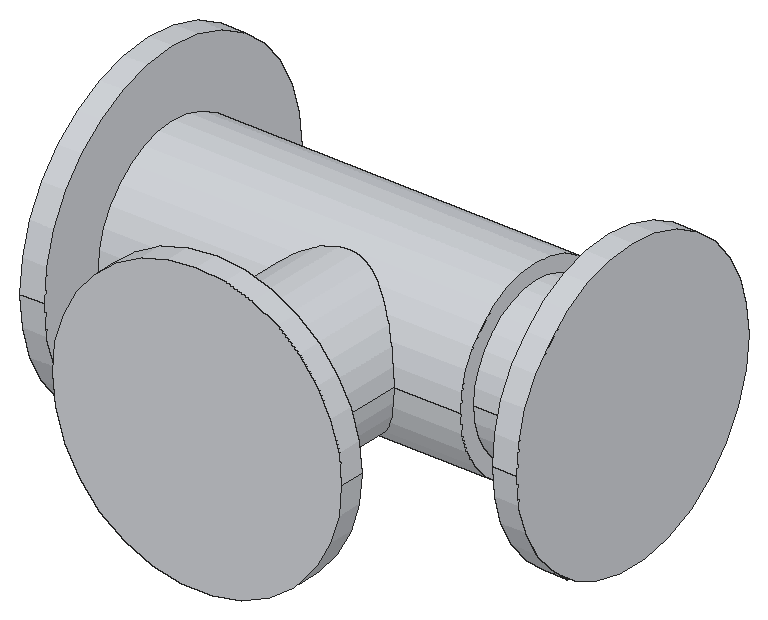
Revit family "M_Redução em T - Flange - GI - Classe 25", category Conexões de tubo, Revit 2019
Family settings
  Cota do conector redondo = Usar raio
  Tipo de parte = Tê
  Número OmniClass = 23.60.30.11.14
  Título OmniClass = Pipework Fittings
  ID de item do Seek = Tee Reducing - Flanged - GI - Class 25-0000-CAN-ENU
  Com base no plano de trabalho = Não
  Sempre na vertical = Sim
  Corte com vazios quando carregada = Não
  Compartilhado = Não
Parameters (values of type "Padrão")
  Comprimento externo 3 [instance] = Comprimento externo 2 + (Comprimento do centro 2 - Raio externo da conexão 2) / sin(Ângulo)  # 172 mm
  Método de perda = Coeficiente K da tabela
  Nome da tabela de pesquisa = "M_Tee Reducing - Flanged - GI - Class 25"
  Comprimento 8 [instance] = if(Espessura da flange 1 + Espessura da flange 2 > Comprimento do lance 2 * 2, Comprimento do lance 2, Espessura da flange 2)  # 19 mm
  Comprimento 7 [instance] = if(Espessura da flange 1 + Espessura da flange 2 > Comprimento do lance 2 * 2, Comprimento do lance 2, Espessura da flange 1)  # 19 mm
  Tabela de coeficiente K = "Tê flangeado"
  Comprimento do centro 2 [instance] = Raio externo da conexão 2 - (Raio externo da conexão 2 - Raio externo da conexão 3) * sin(Ângulo)  # 62 mm
  Comprimento do centro 1 [instance] = Comprimento do lance 2 - (Raio externo da conexão 2 - Raio externo da conexão 3) * cos(Ângulo)  # 191 mm
  Tamanho da marca de cota 3 [instance] = Diâmetro da flange 3 * 0.4  # 91.6 mm
  Tamanho da marca de cota 2 [instance] = Diâmetro da flange 2 * 0.4  # 91.6 mm
  Tamanho da marca de cota 1 [instance] = Diâmetro da flange 1 * 0.4  # 101.6 mm
  Raio nominal 3 [instance] = 50 mm
  Raio nominal 2 [instance] = 50 mm
  Raio nominal 1 [instance] = 62.5 mm
  Diâmetro mínimo nominal 12 [instance] = if(Diâmetro nominal 1 > Diâmetro nominal 2, Diâmetro nominal 2, Diâmetro nominal 1)  # 100 mm
  Diâmetro nominal máximo 12 [instance] = if(Diâmetro nominal 1 > Diâmetro nominal 2, Diâmetro nominal 1, Diâmetro nominal 2)  # 125 mm
  Diâmetro nominal 3 [instance] = Raio nominal 3 * 2  # 100 mm
  Diâmetro nominal 2 [instance] = Raio nominal 2 * 2  # 100 mm
  Diâmetro nominal 1 [instance] = Raio nominal 1 * 2  # 125 mm
  Espessura da parede 3 [instance] = size_lookup(Nome da tabela de pesquisa, "WThk", 0.018 * Diâmetro nominal 3 + 8.334 mm, Diâmetro nominal 3)  # 11 mm
  Espessura da parede 2 [instance] = size_lookup(Nome da tabela de pesquisa, "WThk", 0.018 * Diâmetro mínimo nominal 12 + 8.334 mm, Diâmetro mínimo nominal 12)  # 11 mm
  Espessura da parede 1 [instance] = size_lookup(Nome da tabela de pesquisa, "WThk", 0.018 * Diâmetro nominal máximo 12 + 8.334 mm, Diâmetro nominal máximo 12)  # 11 mm
  Diâmetro nominal máximo 123 [instance] = if(and(not(Diâmetro nominal 1 < Diâmetro nominal 2), not(Diâmetro nominal 1 < Diâmetro nominal 3)), Diâmetro nominal 1, if(and(not(Diâmetro nominal 2 < Diâmetro nominal 1), not(Diâmetro nominal 2 < Diâmetro nominal 3)), Diâmetro nominal 2, Diâmetro nominal 3))  # 125 mm
  Comprimento externo 2 [instance] = Comprimento externo 1 + Raio externo da conexão 2 - Raio externo da conexão 3  # 172 mm
  Comprimento 6 [instance] = Comprimento externo 1 + Raio externo da conexão 2  # 234 mm
  Comprimento 5 [instance] = if(Comprimento 2 < 0 mm, Comprimento do lance 2 - Espessura da flange 2, if(not(Diâmetro nominal 1 < Diâmetro nominal 2), Comprimento do lance 3, Comprimento do lance 3))  # 114.667 mm
  Comprimento 9 [instance] = if(Comprimento 2 > 0 mm, Comprimento do lance 4, Comprimento do lance)  # 286.667 mm
  Comprimento externo 1 [instance] = if(and(not(Ângulo > 90.00°), Comprimento 1 < 0 mm), (Raio da flange máxima 12 + Raio da flange 3 * cos(Ângulo)) / sin(Ângulo), if(and(Ângulo > 90.00°, Comprimento 1 < 0 mm), (Raio da flange máxima 12 + Raio da flange 3 * cos(180.00° - Ângulo)) / sin(180.00° - Ângulo), C3 Centro à face - Espessura da flange 3))  # 172 mm
  C3 Centro à face [instance] = if(not(Diâmetro nominal máximo 123 > 406.4 mm), Centro à face, if(not(Diâmetro nominal 3 > Tamanho da saída e menor), Centro à saída da face, Centro à face))  # 191 mm
  Comprimento do lance 4 [instance] = if(or(and(Ângulo > 90.00°, Diâmetro nominal 1 > Diâmetro nominal 2), and(Ângulo < 90.00°, Diâmetro nominal 1 < Diâmetro nominal 2)), Comprimento 4 + 2 * Comprimento 3 / 3, Comprimento 3 + 2 * Comprimento 4 / 3)  # 286.667 mm
  Comprimento do lance 3 [instance] = Comprimento do lance 4 - Comprimento do lance 1  # 114.667 mm
  C1 Centro à face [instance] = if(not(Diâmetro nominal máximo 123 > 406.4 mm), Centro à face, if(not(Diâmetro nominal 3 > Tamanho da saída e menor), Execução do centro até a face, Centro à face))  # 191 mm
  Comprimento do lance 2 [instance] = if(and(not(Ângulo > 90.00°), Comprimento 1 < 0 mm), Raio da flange máxima 12 / tan(Ângulo - atan(Raio da flange 3 / Comprimento externo 1)) + Espessura da flange 12, if(and(Ângulo > 90.00°, Comprimento 1 < 0 mm), Raio da flange máxima 12 / tan(180.00° - Ângulo - atan(Raio da flange 3 / Comprimento externo 1)) + Espessura da flange 12, C1 Centro à face))  # 191 mm
  Comprimento do lance 1 [instance] = if(and(Ângulo > 90.00°, Diâmetro nominal 2 > Diâmetro nominal 1), 2 * Comprimento 4 / 3, if(and(Ângulo > 90.00°, not(Diâmetro nominal 2 > Diâmetro nominal 1)), Comprimento 4, if(and(not(Ângulo > 90.00°), Diâmetro nominal 2 > Diâmetro nominal 1), 2 * Comprimento 3 / 3, Comprimento 3)))  # 172 mm
  Comprimento 1 [instance] = if(Ângulo < 90.00°, ((C3 Centro à face - Espessura da flange 3) / cos(Ângulo 3) * sin(Ângulo - Ângulo 3) - Diâmetro da flange máxima 12 / 2), ((C3 Centro à face - Espessura da flange 3) / cos(Ângulo 3) * sin(180.00° - Ângulo - Ângulo 3) - Diâmetro da flange máxima 12 / 2))  # 45 mm
  Comprimento do lance [instance] = Comprimento do lance 2 * 2 - Espessura da flange 1 - Espessura da flange 2  # 344 mm
  Comprimento 4 [instance] = Comprimento do lance 2 - Espessura da flange 12  # 172 mm
  Comprimento 3 [instance] = if(not(Ângulo > 90.00°), Comprimento do lance 2 - Espessura da flange 1, Comprimento do lance 2 - Espessura da flange 2)  # 172 mm
  Comprimento 2 [instance] = Comprimento do lance - Comprimento do lance 4  # 57.333 mm
  Espessura da flange 12 [instance] = if(not(Ângulo > 90.00°), Espessura da flange 2, Espessura da flange 1)  # 19 mm
  Espessura da flange máxima 12 [instance] = size_lookup(Nome da tabela de pesquisa, "FThk", 0.06 * Diâmetro nominal máximo 12 + 14.784 mm, Diâmetro nominal máximo 12)  # 19 mm
  Raio da flange máxima 12 [instance] = Diâmetro da flange máxima 12 / 2  # 127 mm
  Diâmetro da flange máxima 12 [instance] = size_lookup(Nome da tabela de pesquisa, "FDia", 1.21 * Diâmetro nominal máximo 12 + 97.036 mm, Diâmetro nominal máximo 12)  # 254 mm
  Raio externo da conexão 3 [instance] = Diâmetro externo da conexão 3 / 2  # 62 mm
  Raio externo da conexão 2 [instance] = Diâmetro externo da conexão 2 / 2  # 62 mm
  Raio externo da conexão 1 [instance] = Diâmetro externo da conexão 1 / 2  # 74.5 mm
  Diâmetro externo da conexão 3 [instance] = Diâmetro interior da conexão 3 + Espessura da parede 3 * 2  # 124 mm
  Diâmetro externo da conexão 2 [instance] = Diâmetro interno da conexão 2 + Espessura da parede 2 * 2  # 124 mm
  Diâmetro externo da conexão 1 [instance] = Diâmetro interno da conexão 1 + Espessura da parede 1 * 2  # 149 mm
  Diâmetro interior da conexão 3 [instance] = size_lookup(Nome da tabela de pesquisa, "FID", 1.02 * Diâmetro nominal 3, Diâmetro nominal 3)  # 102 mm
  Diâmetro interno da conexão 2 [instance] = size_lookup(Nome da tabela de pesquisa, "FID", 1.02 * Diâmetro mínimo nominal 12, Diâmetro mínimo nominal 12)  # 102 mm
  Diâmetro interno da conexão 1 [instance] = size_lookup(Nome da tabela de pesquisa, "FID", 1.02 * Diâmetro nominal máximo 12, Diâmetro nominal máximo 12)  # 127 mm
  Execução do centro até a face [instance] = size_lookup(Nome da tabela de pesquisa, "CtFR", 0.5 * Diâmetro nominal máximo 123 + 84.038 mm, Diâmetro nominal máximo 123)  # 1 mm
  Espessura da flange 3 [instance] = size_lookup(Nome da tabela de pesquisa, "FThk", 0.03 * Diâmetro nominal 3 + 16.768 mm, Diâmetro nominal 3)  # 19 mm
  Espessura da flange 2 [instance] = size_lookup(Nome da tabela de pesquisa, "FThk", 0.03 * Diâmetro nominal 2 + 16.768 mm, Diâmetro nominal 2)  # 19 mm
  Espessura da flange 1 [instance] = size_lookup(Nome da tabela de pesquisa, "FThk", 0.03 * Diâmetro nominal 1 + 16.768 mm, Diâmetro nominal 1)  # 19 mm
  Raio da flange 3 [instance] = Diâmetro da flange 3 / 2  # 114.5 mm
  Raio da flange 2 [instance] = Diâmetro da flange 2 / 2  # 114.5 mm
  Raio da flange 1 [instance] = Diâmetro da flange 1 / 2  # 127 mm
  Diâmetro da flange 3 [instance] = size_lookup(Nome da tabela de pesquisa, "FDia", 1.16 * Diâmetro nominal 3 + 119.062 mm, Diâmetro nominal 3)  # 229 mm
  Diâmetro da flange 2 [instance] = size_lookup(Nome da tabela de pesquisa, "FDia", 1.16 * Diâmetro nominal 2 + 119.062 mm, Diâmetro nominal 2)  # 229 mm
  Diâmetro da flange 1 [instance] = size_lookup(Nome da tabela de pesquisa, "FDia", 1.16 * Diâmetro nominal 1 + 119.062 mm, Diâmetro nominal 1)  # 254 mm
  Centro à saída da face [instance] = size_lookup(Nome da tabela de pesquisa, "CtFO", 0.61 * Diâmetro nominal máximo 123 + 120.65 mm, Diâmetro nominal máximo 123)  # 1 mm
  Centro à face [instance] = size_lookup(Nome da tabela de pesquisa, "CtF", 0.67 * Diâmetro nominal máximo 123 + 110.43 mm, Diâmetro nominal máximo 123)  # 191 mm
  Tamanho da saída e menor [instance] = size_lookup(Nome da tabela de pesquisa, "OSaS", 0.66 * Diâmetro nominal máximo 123 - 4.763 mm, Diâmetro nominal máximo 123)  # 1 mm
  Ângulo 3 [instance] = atan(Raio da flange 3 / (C3 Centro à face - Espessura da flange 3))  # 33.6516°
  Ângulo [instance] = 90.00°
Reference planes
  plane 1 "Centro (Frente/Trás)": y = 0
  plane 2: z = 0
  plane 3 "Centro (Esquerda/Direita)": x = 0
  plane 4: x = -191
  plane 5: x = 191
  plane 6: x = -172
  plane 7: x = 172
  plane 8: y = 0
  plane 9: x = 0
  plane 10: y = 62
  plane 11: x = -172
  plane 12: x = 114.667
  plane 13: x = -172
  plane 14: x = 114.667
  plane 15: x = 172
  plane 16: x = -172
Forms (mm)
  Extrusion 1, solid, detail levels fine
    sketch origin (0, 0, 0) x (0, 1, 0) y (0, 0, 1)
      loop
        circle (0, 0) r 62
    from -172 to 172
  Sweep 2, solid, detail levels fine
    path in 3D
      loop
        line (-191, 0, 0) -> (-172, 0, 0)
    profile origin (-181.5, 0, 0) x (0, 1, 0) y (0, 0, 1)
      loop
        circle (0, 0) r 127
  Sweep 3, solid, detail levels fine
    path in 3D
      loop
        line (172, 0, 0) -> (191, 0, 0)
    profile origin (181.5, 0, 0) x (0, 1, 0) y (0, 0, 1)
      loop
        circle (0, 0) r 114.5
  Sweep 4, solid, detail levels fine
    path in 3D
      loop
        line (0, -172, 0) -> (0, -191, 0)
    profile origin (0, -181.5, 0) x (1, 0, 0) y (0, 0, 1)
      loop
        circle (0, 0) r 114.5
  Extrusion 5, solid, detail levels fine
    sketch origin (0, 0, 0) x (0, 1, 0) y (0, 0, 1)
      loop
        circle (0, 0) r 74.5
    from -172 to 114.667
  Revolve 6, solid, detail levels fine
    sketch origin (0, 0, 0) x (0, -1, 0) y (1, 0, 0)
      loop
        line (-62, 0) -> (172, 0) -> (172, 62) -> (0, 62)
        arc (0, 62) -> (-43.841, 43.841) -> (-62, 0) r 62
      axis (172, 0) -> (-62, 0)
    angle from 0 to 360
Cuts and joins
  joined: Extrusion 1, Sweep 2, Sweep 3, Sweep 4, Extrusion 5, Revolve 6
Lines and regions (mm)
  reference lines
    curve 1: line (-191, 0, 0) -> (-172, 0, 0)
    curve 2: line (172, 0, 0) -> (191, 0, 0)
    curve 5: line (0, 0, 0) -> (0, -172, 0)
    curve 6: line (0, -172, 0) -> (0, -191, 0)
    curve 8: line (0, -191, 0) -> (0, -172, 0)
    curve 9: line (-191, 0, 0) -> (-172, 0, 0)
    curve 10: line (172, 0, 0) -> (191, 0, 0)
    curve 16: line (0, 0, 0) -> (0, -172, 0)
    curve 17: line (0, 0, 0) -> (406.4, 0, 0)
    curve 18: line (0, -172, 0) -> (419.1, -172, 0)
    curve 19: line (-9.338, 62, 0) -> (339.912, 62, 0)
    curve 20: line (62, 45.031, 0) -> (62, -240.719, 0)
    curve 21: line (-56.93, 62, 0) -> (134.238, 62, 0)
    curve 22: line (62, 116.984, 0) -> (62, -240.719, 0)
  sketch lines
    curve 3: line (-191, 0, 0) -> (-172, 0, 0)
    curve 4: line (172, 0, 0) -> (191, 0, 0)
    curve 7: line (0, -172, 0) -> (0, -191, 0)
  model lines, detail levels coarse+medium
    curve 11: line (-191, 101.6, 0) -> (-191, -101.6, 0)
    curve 12: line (-191, 0, 0) -> (191, 0, 0)
    curve 13: line (0, 0, 0) -> (0, -191, 0)
    curve 14: line (-91.6, -191, 0) -> (91.6, -191, 0)
    curve 15: line (191, 91.6, 0) -> (191, -91.6, 0)
Dimensions and locks
  equal spacing: plane 4, plane 3 "Centro (Esquerda/Direita)", plane 5
  "Comprimento do lance 2": plane 3 "Centro (Esquerda/Direita)" to plane 5
  "Espessura da flange 1": plane 4 to plane 6
  "Espessura da flange 2": plane 7 to plane 5
  "Comprimento do centro 1": plane 4 to plane 9
  "Raio externo da conexão 2": plane 1 "Centro (Frente/Trás)" to plane 10
  "Comprimento do centro 2": plane 8 to plane 10
  "Comprimento externo 2": curve 5 to curve 5
  "Espessura da flange 3": curve 6 to curve 6
  "Comprimento do lance 4": plane 11 to plane 12
  "Comprimento do lance 3": plane 3 "Centro (Esquerda/Direita)" to plane 12
  "Comprimento 9": plane 13 to plane 14
  "Comprimento 5": plane 3 "Centro (Esquerda/Direita)" to plane 14
  locked: curve 8 to curve 8 at 19
  "Comprimento 7": plane 4 to plane 16
  "Comprimento 8": plane 15 to plane 5
  equal spacing: curve 11, plane 1 "Centro (Frente/Trás)", curve 11
  "Tamanho da marca de cota 1": plane 1 "Centro (Frente/Trás)" to curve 11
  equal spacing: curve 14, curve 5, curve 14
  "Tamanho da marca de cota 3": curve 14 to curve 5
  equal spacing: curve 15, plane 1 "Centro (Frente/Trás)", curve 15
  "Tamanho da marca de cota 2": plane 1 "Centro (Frente/Trás)" to curve 15
  "Comprimento externo 3": curve 16 to curve 16
  "Raio externo da conexão 3": curve 17 to curve 19
  "Raio externo da conexão 3": curve 16 to curve 20
  "Raio externo da conexão 2": radius of Extrusion 1 sketch curve
  "Raio da flange 1": radius of Sweep 2 sketch curve
  "Raio da flange 2": radius of Sweep 3 sketch curve
  "Raio da flange 3": radius of Sweep 4 sketch curve
  "Raio externo da conexão 1": radius of Extrusion 5 sketch curve
  "Raio externo da conexão 3": radius of Revolve 6 sketch curve
  "Ângulo": angle curve 5 to plane 1 "Centro (Frente/Trás)"
  "Ângulo": angle curve 6 to plane 1 "Centro (Frente/Trás)"
  "Ângulo": angle curve 8 to plane 1 "Centro (Frente/Trás)"
  "Ângulo": angle curve 13 to plane 1 "Centro (Frente/Trás)"
  "Ângulo": angle curve 16 to plane 1 "Centro (Frente/Trás)"
  locked: Revolve 6 sketch curve to Revolve 6 sketch curve (angle 90.00°)
  locked: curve 16 to curve 17 (angle 90.00°)
  locked: curve 18 to curve 16 (angle 90.00°)
  aligned and locked: plane 1 "Centro (Frente/Trás)" to Extrusion 1 sketch curve
  aligned and locked: plane 2 to Extrusion 1 sketch curve
  aligned and locked: Extrusion 1 to plane 6
  aligned and locked: plane 7 to Extrusion 1
  aligned and locked: plane 4 to curve 1
  aligned and locked: plane 6 to curve 1
  aligned and locked: plane 7 to curve 2
  aligned and locked: plane 5 to curve 2
  aligned and locked: plane 1 "Centro (Frente/Trás)" to curve 2
  aligned and locked: plane 1 "Centro (Frente/Trás)" to curve 1
  aligned and locked: profile plane to Sweep 2 sketch curve  (x2)
  aligned and locked: profile plane to Sweep 3 sketch curve  (x2)
  aligned and locked: plane 8 to curve 5
  aligned and locked: plane 9 to curve 5
  aligned and locked: profile plane to Sweep 4 sketch curve  (x2)
  aligned and locked: plane 2 to Extrusion 5 sketch curve
  aligned and locked: plane 1 "Centro (Frente/Trás)" to Extrusion 5 sketch curve
  aligned and locked: plane 12 to Extrusion 5
  aligned and locked: Extrusion 5 to plane 11
  aligned and locked: plane 4 to curve 9
  aligned and locked: plane 16 to curve 9
  aligned and locked: plane 1 "Centro (Frente/Trás)" to curve 9
  aligned and locked: plane 15 to curve 10
  aligned and locked: plane 5 to curve 10
  aligned and locked: plane 1 "Centro (Frente/Trás)" to curve 10
  aligned and locked: plane 4 to curve 12
  aligned and locked: plane 1 "Centro (Frente/Trás)" to curve 13
  aligned and locked: plane 3 "Centro (Esquerda/Direita)" to curve 13
  aligned and locked: Sweep 4 to curve 14
  aligned and locked: plane 5 to curve 12
  aligned and locked: curve 15 to plane 5
  aligned and locked: curve 11 to plane 4
  aligned and locked: plane 3 "Centro (Esquerda/Direita)" to curve 16
  aligned and locked: plane 1 "Centro (Frente/Trás)" to curve 16
  aligned and locked: plane 1 "Centro (Frente/Trás)" to Revolve 6 sketch curve
  aligned and locked: Revolve 6 sketch curve to curve 16  (x2)
  aligned and locked: curve 18 to Revolve 6 sketch curve
  aligned and locked: curve 20 to Revolve 6 sketch curve  (x2)
  aligned and locked: curve 16 to Revolve 6 sketch curve
  aligned and locked: Revolve 6 sketch curve to curve 18
Automatic sketch dimensions
  Revolve 6 sketch curve to Revolve 6 sketch curve = 70.85 mm
  curve 16 to Revolve 6 sketch curve = 63.45 mm
  curve 17 to curve 16 = 0 mm  (x2)
  curve 16 to curve 18 = 0 mm
  curve 18 to curve 16 = 0 mm
  curve 22 to curve 21 = 54.984 mm
  curve 20 to curve 16 = 45.031 mm
  curve 16 to curve 22 = 68.719 mm
  curve 16 to curve 20 = 68.719 mm
  curve 16 to curve 19 = 9.338 mm
  curve 16 to curve 21 = 56.93 mm
  curve 22 to curve 21 = 72.238 mm
  curve 16 to curve 19 = 339.912 mm
  curve 21 to curve 16 = 62 mm
  curve 22 to curve 16 = 62 mm
Connectors
  piping at (-191, 0, 0), diameter 125, driven by "Raio nominal 1"
    settings: on Sweep 2, index 1, connector inside diameter 125 mm, connector length 0 mm, flow factor 0, pipe flow 0.0 L/s, pressure drop 0.0 Pa, fitting loss kfactor 0, connector angle 0.00°, fixture units 0, engagement length 0 mm, angle of deflection 0.00°, flow configuration 0, flow direction 0, fitting loss method 0, system type 28, joint type 0, gender type 0, connector reference index 2, connector utility 0, adjustable connector no, is connector primary yes, connector description ""
  piping at (191, 0, 0), diameter 100, driven by "Raio nominal 2"
    settings: on Sweep 3, index 2, connector inside diameter 100 mm, connector length 0 mm, flow factor 0, pipe flow 0.0 L/s, pressure drop 0.0 Pa, fitting loss kfactor 0, connector angle 0.00°, fixture units 0, engagement length 0 mm, angle of deflection 0.00°, flow configuration 0, flow direction 0, fitting loss method 0, system type 28, joint type 0, gender type 0, connector reference index 1, connector utility 0, adjustable connector no, is connector primary no, connector description ""
  piping at (0, -191, 0), diameter 100, driven by "Raio nominal 3", driven by "Ângulo"
    settings: on Sweep 4, index 3, connector inside diameter 100 mm, connector length 0 mm, flow factor 0, pipe flow 0.0 L/s, pressure drop 0.0 Pa, fitting loss kfactor 0, connector angle 90.00°, fixture units 0, engagement length 0 mm, angle of deflection 0.00°, flow configuration 0, flow direction 0, fitting loss method 0, system type 28, joint type 0, gender type 0, connector reference index -1, connector utility 0, adjustable connector no, is connector primary no, connector description ""
